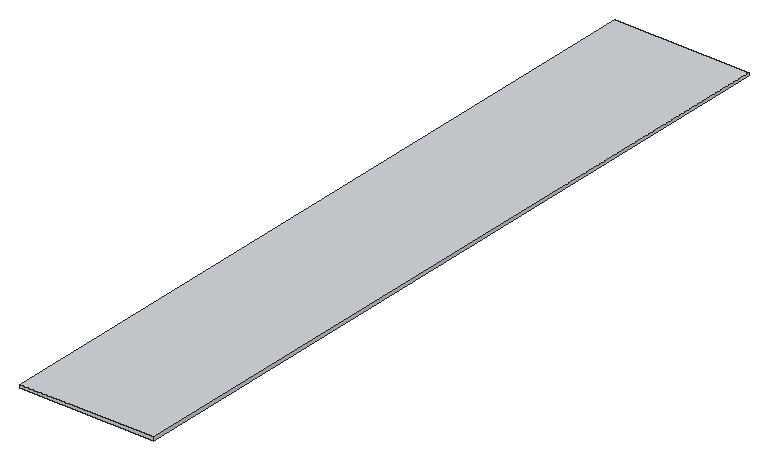
Revit family
Parameters (values of type "Centrale")
  h buco = 40.0 cm
  Volume = (Lunghezza * Larghezza * Altezza)  # 0.261803 m³
  Pesounitario = 5880 N/m³
  PesoTot = Pesounitario * Volume  # 1.5394 kN
  Pannello = Default
  Lunghezza = 698.14 cm
  Larghezza = 125.0 cm
  Buco = 20.0 cm
  Assembly Code = ""
  Altezza = 3.0 cm
Types (2, lengths in cm): name | h buco
  Centrale | 40.0
  d'angolo | 10.0
Reference planes (cm)
  plane 1 "Center (Front/Back)": y = 0
  plane 2: z = 0
  plane 3 "Center (Left/Right)": x = 0
  plane 4: x = -62.5
  plane 5: x = 62.5
  plane 6: y = 349.07
  plane 7: y = -349.07
  plane 8: z = 3
  plane 9: y = 329.07
  plane 10: y = -329.07
  plane 11: x = 42.5
  plane 12: z = -10
Forms (cm)
  Extrusion 1, solid
    sketch origin (0, 0, 0) x (1, 0, 0) y (0, 1, 0)
      loop
        line (-62.5, 349.07) -> (-62.5, -349.07) -> (62.5, -349.07) -> (62.5, 349.07) -> (-62.5, 349.07)
    from 0 to 3
  Extrusion 2, void
    sketch origin (0, 0, 30) x (1, 0, 0) y (0, 1, 0)
      loop
        line (42.5, 349.07) -> (42.5, 329.07) -> (62.5, 329.07) -> (62.5, 349.07) -> (42.5, 349.07)
      loop
        line (42.5, -329.07) -> (42.5, -349.07) -> (62.5, -349.07) -> (62.5, -329.07) -> (42.5, -329.07)
    from 0 to 3
Cuts and joins
  Extrusion 2 cuts Extrusion 1
Dimensions and locks (cm)
  equal spacing: plane 7, plane 1 "Center (Front/Back)", plane 6
  "Lunghezza": plane 7 to plane 6
  equal spacing: plane 4, plane 3 "Center (Left/Right)", plane 5
  "Larghezza": plane 4 to plane 5
  "Altezza": level to plane 8
  "Buco": plane 11 to plane 5
  "Buco": plane 10 to plane 7
  "Buco": plane 9 to plane 6
  "Altezza": Extrusion 2 to Extrusion 2
  "h buco": plane 12 to Extrusion 2
  aligned and locked: Extrusion 1 sketch curve to plane 4
  aligned and locked: plane 6 to Extrusion 1 sketch curve
  aligned and locked: plane 7 to Extrusion 1 sketch curve
  aligned and locked: Extrusion 1 sketch curve to plane 5
  aligned and locked: plane 8 to Extrusion 1
  aligned and locked: plane 11 to Extrusion 2 sketch curve
  aligned and locked: plane 6 to Extrusion 2 sketch curve
  aligned and locked: plane 9 to Extrusion 2 sketch curve
  aligned and locked: Extrusion 2 sketch curve to plane 5
  aligned and locked: Extrusion 2 sketch curve to plane 10
  aligned and locked: Extrusion 1 to Extrusion 2 sketch curve
  aligned and locked: Extrusion 2 sketch curve to Extrusion 1
Automatic sketch dimensions
  Extrusion 2 sketch curve to plane 11 = 0.0 cm
